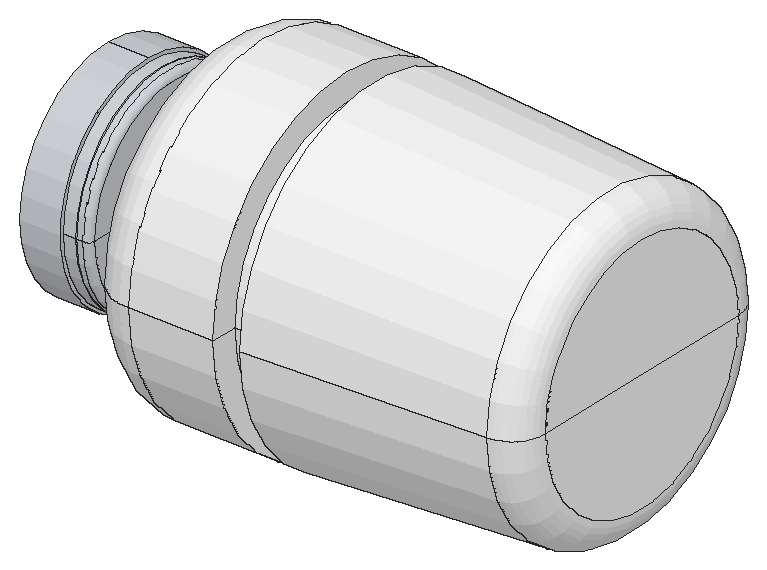
Revit family "termostaticheskiy_element", category Арматура трубопроводов, Revit 2020
Family settings
  Размер круглого соединителя = Использовать радиус
  Тип детали = Встроенный датчик
  На основе рабочей плоскости = Нет
  Всегда вертикально = Нет
  При загрузке вырезать с полостями = Нет
  Общий = Да
Parameters
  материал [instance] = none
  Позиция = ""
  Отметка по умолчанию = 0 mm
  Наименование = "Термостатический элемент"
  Модель = "Термостатический элемент"
  Масса нетто = 0.00 kg
  Watermarked By = ""
  Код по классификатору = "PR70 01 00"
  Keynote = ""
  built-in parameter 1114242 [instance] = (empty or 0)
  Изготовитель = "PRADO"  # constant formula
  Длина = 78 mm
  URL = "http://www.radiator-prado.ru/2-uncategorised/45-termostaticheskij-element"
Reference planes
  plane 1 "По центру (Вперед/Назад)": y = 0
  plane 2: z = 0
  plane 3 "По центру (Влево/Вправо)": x = 0
  plane 4: x = 79.6
Forms (mm)
  Extrusion 1, solid, material <- "материал"
    sketch origin (0, 0, 0) x (0, 1, 0) y (0, 0, 1)
      loop
        circle (0, 0) r 16.5
    from 0 to 6
  Revolve 2, solid, material <- "материал"
    sketch origin (0, 0, 0) x (1, 0, 0) y (0, 1, 0)
      loop
        line (8, 16) -> (6, 16) -> (6, 0) -> (8, 0) -> (8, 16)
      axis (6, 0) -> (8, 0)
    angle from 0 to 360
  Revolve 3, solid, material "Заглушка"
    sketch origin (0, 0, 0) x (1, 0, 0) y (0, 1, 0)
      loop
        line (79.6, 0) -> (79.6, 18)
        arc (79.6, 18) -> (78.235, 21.434) -> (74.884, 22.992) r 5
        line (74.884, 22.992) -> (39.6, 25) -> (39.6, 21) -> (35.6, 21) -> (35.6, 25) -> (23.083, 25)
        arc (23.083, 25) -> (17.606, 22.623) -> (15.6, 17) r 7.5
        line (15.6, 17) -> (15.6, 0) -> (79.6, 0)
      axis (15.6, 0) -> (79.6, 0)
    angle from 0 to 360
  Revolve 4, solid, material <- "материал"
    sketch origin (2, 0, 0) x (1, 0, 0) y (0, 1, 0)
      loop
        arc (8, 15) -> (7.707, 15.707) -> (7, 16) r 1
        line (7, 16) -> (6, 16) -> (6, 0) -> (8, 0) -> (8, 15)
      axis (6, 0) -> (8, 0)
    angle from 0 to 360
  Revolve 5, solid, material <- "материал"
    sketch origin (4, 0, 0) x (1, 0, 0) y (0, 1, 0)
      loop
        line (11.583, 11) -> (6, 11) -> (6, 0) -> (11.583, 0) -> (11.583, 11)
      axis (6, 0) -> (11.583, 0)
    angle from 0 to 360
Cuts and joins
  joined: Extrusion 1, Revolve 2
Dimensions and locks
  cut or joined group of Extrusion 1, Revolve 2 to cut or joined group of Extrusion 1, Revolve 2 = 6 mm
  aligned and locked: level to plane 2
